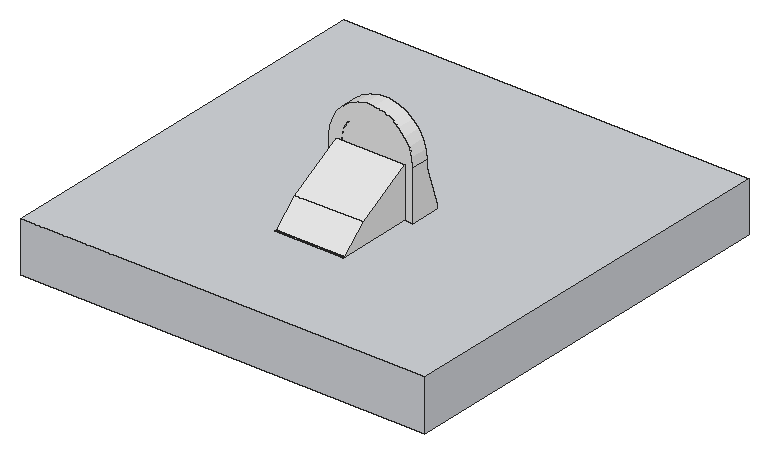
Revit family
Parameters (values of type "WH3775-09-MXTP")
  Waste Connection = yes
  WFU = 2
  Vent Connection = no
  URL = "http://www.whitehallmfg.com/"
  Type Comments = ""
  Revised Date = "03/02/2015"  # constant formula
  Phone# = "626-336-4561"
  OCC - Optional Corterra Color - Specify:__ = no
  Model = "WH3775-09-MXTP"
  Material = Polymer-Whitehall-Corterra-White
  Manufacturer = "Whitehall Mfg"
  MXTP- Temperature-Pressure Balancing Mixing Valve (ASSE 1070 Compliant) = yes
  HWFU = 1.5
  HW Connection = yes
  Designed By = "Allied Technical Services"  # constant formula
  Description = "Whitehall Ligature Resistant Corterra™ Basin ADA Compliant "
  Default Elevation = 34"
  CWFU = 1.5
  CW Connection = yes
  Assembly Code = "D2010310"
  ATS URL = "http://www.atsspec.net"
  9- Punched for Valve by Others (-H34 Three 1-5/16" Diameter Holes 4" Cneterset) = yes
  3775- Ligature Resistant Corterra™ Washbasin = yes
  3374- Air Control, H&C, Metering w/ Conical Sprayhead & Pushbuttons = no
  3373- Air-Control, Single Temp, Metering w/ Conical Sprayhead & Pushbuttons = no
Reference planes (in)
  plane 1 "Center (Front/Back)": y = 0
  plane 2: z = 0
  plane 3 "Center (Left/Right)": x = 0
  plane 4: z = 21.75
  plane 5: x = 10
  plane 6: x = -10
  plane 7: z = 5
  plane 8: x = -8.125
  plane 9: x = 8.125
  plane 10: y = -22.25
  plane 11: y = 3
  plane 12: y = -7.5
  plane 13: y = -31
  plane 14: x = 7.125
  plane 15: x = -7.125
  plane 16: y = -7.5
  plane 17: y = -11.5
  plane 18: y = -16.25
  plane 19: y = -6.75
  plane 20: x = -6.625
  plane 21: y = 0.75
  plane 22: y = -34
  plane 23: x = 4.75
  plane 24: x = -4.5
Forms (in)
  Extrusion 1, solid
    sketch origin (0, 0, 0) x (1, 0, 0) y (0, 1, 0)
      loop
        line (-48, 48) -> (-48, -48) -> (48, -48) -> (48, 48) -> (-48, 48)
    from 0 to -12
  Extrusion 2, solid, material "Polymer-Whitehall-Corterra-White" <- "Material"
    sketch origin (0, 0, 0) x (1, 0, 0) y (0, 0, -1)
      loop
        line (10, -11.75) -> (10, 0) -> (-10, 0) -> (-10, -11.75)
        arc (-10, -11.75) -> (0, -21.75) -> (10, -11.75) r 10
      loop
        arc (7, -11.75) -> (6.98353, -10.87438) -> (6.93414, -10) r 23.28125
        arc (6.93414, -10) -> (6.60403, -7.47441) -> (6, -5) r 23.28125
        line (6, -5) -> (-6, -5)
        arc (-6, -5) -> (-6.60403, -7.47441) -> (-6.93414, -10) r 23.28125
        arc (-6.93414, -10) -> (-6.98353, -10.87438) -> (-7, -11.75) r 23.28125
        arc (-7, -11.75) -> (0, -18.75) -> (7, -11.75) r 7
    from -4 to 0
  Extrusion 3, solid, material "Polymer-Whitehall-Corterra-White" <- "Material"
    sketch origin (0, 0, 0) x (0, -1, 0) y (0, 0, -1)
      loop
        line (4, 0) -> (4, -11.75) -> (16.375, -5) -> (21.75, -0.07812) -> (22.25, -0.07812) -> (22.25, 0) -> (4, 0)
    from -8.125 to 8.125
  Extrusion 4, solid, material "Polymer-Whitehall-Corterra-White" <- "Material"
    sketch origin (0, 0, 0) x (1, 0, 0) y (0, 0, 1)
      loop
        line (10, 0) -> (10, 10) -> (9.25, 10) -> (9.03109, 1.24375)
        arc (9.03109, 1.24375) -> (8.95573, 1.07103) -> (8.78117, 1) r 0.25
        line (8.78117, 1) -> (-8.78117, 1)
        arc (-8.78117, 1) -> (-8.95573, 1.07103) -> (-9.03109, 1.24375) r 0.25
        line (-9.03109, 1.24375) -> (-9.25, 10) -> (-10, 10) -> (-10, 0) -> (10, 0)
    from -3 to 0
  Extrusion 5, void
    sketch origin (0, -5, 0) x (0, 1, 0) y (0, 0, 1)
      loop
        line (5, 10) -> (7.96793, 1.0962)
        arc (7.96793, 1.0962) -> (7.99193, 0.99869) -> (8, 0.8986) r 0.62488
        line (8, 0.8986) -> (8, 10) -> (5, 10)
    from -10 to 10
  Extrusion 6, void
    sketch origin (0, 0, 0.375) x (1, 0, 0) y (0, 0, 1)
      loop
        circle (0, 7.13597) r 0.75
      loop
        circle (0, 2.625) r 0.65625
      loop
        circle (-2, 2.625) r 0.65625
      loop
        circle (2, 2.625) r 0.65625
    from -0.4441 to 4.90509
  Extrusion 7, void
    sketch origin (-2.875, -0.0092, 0) x (1, 0, 0) y (0, 1, 0)
      loop
        circle (-4.625, -22) r 0.125
    from 0 to 3
  Extrusion 8, void
    sketch origin (2.875, -0.0092, 0) x (-1, 0, 0) y (0, -1, 0)
      loop
        circle (-4.625, 22) r 0.125
    from 0 to 3
  Extrusion 9, void
    sketch origin (-4.625, -0.0092, 0) x (-1, 0, 0) y (0, -1, 0)
      loop
        circle (-4.625, 22) r 0.125
    from 0 to 3
  Extrusion 10, void
    sketch origin (9.25, -8.75, 0) x (1, 0, 0) y (0, 1, 0)
      loop
        circle (-4.5, -7.5) r 0.25
      loop
        circle (-9.25, -2.75) r 0.75
      loop
        circle (-13.75, -7.5) r 0.25
    from 0 to 1.25
  Sweep 11, solid, material "Polymer-Whitehall-Corterra-White" <- "Material"
    path origin (0, 0, 0) x (1, 0, 0) y (0, 0, 1)
      loop
        line (5.20268, 2.36812) -> (6, 5)
        arc (6, 5) -> (6.60403, 7.47441) -> (6.93414, 10) r 23.28125
        arc (6.93414, 10) -> (6.98353, 10.87438) -> (7, 11.75) r 23.28125
        arc (7, 11.75) -> (0, 18.75) -> (-7, 11.75) r 7
        arc (-7, 11.75) -> (-6.98353, 10.87438) -> (-6.93414, 10) r 23.28125
        arc (-6.93414, 10) -> (-6.60403, 7.47441) -> (-6, 5) r 23.28125
        line (-6, 5) -> (-4.91275, 1.41107)
    profile origin (6.60403, 0, 7.47441) x (-0.982992, 0, 0.183649) y (0, -1, 0)
      loop
        line (5.41022, 2.93999) -> (5.41022, 3.06499) -> (2.75, 3.06499)
        arc (2.75, 3.06499) -> (0.71707, 2.22292) -> (-0.125, 0.18999) r 2.875
        line (-0.125, 0.18999) -> (-0.125, 0) -> (0, 0) -> (0, 0.18999)
        arc (0, 0.18999) -> (0.80546, 2.13453) -> (2.75, 2.93999) r 2.75
        line (2.75, 2.93999) -> (5.41022, 2.93999)
  Extrusion 12, solid, material "Polymer-Whitehall-Corterra-White" <- "Material"
    sketch origin (0, 0, 0) x (1, 0, 0) y (0, 0, 1)
      loop
        arc (0.82216, 6.5686) -> (1.28582, 8.468) -> (1.53922, 10.40667) r 17.87103
        arc (1.53922, 10.40667) -> (1.57713, 11.07786) -> (1.58978, 11.75) r 17.87103
        arc (1.58978, 11.75) -> (0, 13.33978) -> (-1.58978, 11.75) r 1.58978
        arc (-1.58978, 11.75) -> (-1.57713, 11.07786) -> (-1.53922, 10.40667) r 17.87103
        arc (-1.53922, 10.40667) -> (-1.28582, 8.468) -> (-0.82216, 6.5686) r 17.87103
        line (-0.82216, 6.5686) -> (-0.34696, 5) -> (0.34696, 5) -> (0.82216, 6.5686)
    from 2.93999 to 3.06499
  Extrusion 13, solid, material "Polymer-Whitehall-Corterra-White" <- "Material"
    sketch origin (0, 0, 0) x (1, 0, 0) y (0, 0, 1)
      loop
        line (-7, 11.75) -> (7, 11.75)
        arc (7, 11.75) -> (0, 18.75) -> (-7, 11.75) r 7
    from 3.79903 to 4
Cuts and joins
  Extrusion 5, Extrusion 6 cuts Extrusion 2
  Extrusion 6, Extrusion 7, Extrusion 8, Extrusion 9, Extrusion 10 cuts Extrusion 3
  Extrusion 5, Extrusion 6 cuts Extrusion 4
  Extrusion 6 cuts Sweep 11
  Extrusion 6 cuts Extrusion 12
  Extrusion 6 cuts Extrusion 13
  joined: Extrusion 2, Extrusion 3, Extrusion 4, Sweep 11, Extrusion 12, Extrusion 13
Dimensions and locks (in)
  level to plane 4 = 21 3/4"
  plane 4 to Extrusion 1 = 21 3/4"  (x2)
  plane 5 to plane 6 = 20"  (x2)
  plane 8 to plane 9 = 16 1/4"  (x2)
  plane 6 to plane 5 = 20"
  plane 11 to plane 10 = 25 1/4"
  plane 1 "Center (Front/Back)" to plane 11 = 3"
  plane 15 to plane 3 "Center (Left/Right)" to plane 14 = 7 1/8", 7 1/8"
  "Default Elevation": plane 22 to plane 1 "Center (Front/Back)"
  plane 18 to plane 22 = 17 3/4"
  plane 17 to plane 22 = 22 1/2"
  plane 24 to plane 23 = 9 1/4"
  plane 3 "Center (Left/Right)" to plane 23 = 4 3/4"
  aligned and locked: plane 2 to Extrusion 1
  aligned and locked: level to Extrusion 1
Automatic sketch dimensions
  Extrusion 1 sketch curve to Extrusion 1 sketch curve = 96"  (x2)
  Extrusion 2 sketch curve to level = 0"
  Extrusion 2 sketch curve to plane 6 = 0"
  Extrusion 2 sketch curve to plane 3 "Center (Left/Right)" = 0"
  plane 7 to Extrusion 2 sketch curve = 6 3/4"
  Extrusion 3 sketch curve to level = 0"
  Extrusion 3 sketch curve to plane 7 = 0"
  Extrusion 3 sketch curve to plane 10 = 0"
  plane 19 to Extrusion 3 sketch curve = 2 3/4"
  level to Extrusion 3 sketch curve = 5/64"
  Extrusion 3 sketch curve to plane 10 = 1/2"
  plane 7 to Extrusion 3 sketch curve = 6 3/4"
  plane 15 to Extrusion 7 sketch curve = 3/8"
  Extrusion 7 sketch curve to plane 10 = 0.2408"
  Extrusion 8 sketch curve to plane 14 = 3/8"
  plane 10 to Extrusion 8 sketch curve = 0.2408"
  Extrusion 9 sketch curve to plane 3 "Center (Left/Right)" = 0"
  plane 10 to Extrusion 9 sketch curve = 0.2408"
  Extrusion 3 sketch curve to plane 18 = 1/8"
  Extrusion 10 sketch curve to plane 18 = 0"  (x2)
  Extrusion 10 sketch curve to plane 24 = 0"
  Extrusion 10 sketch curve to plane 17 = 0"
  Extrusion 10 sketch curve to plane 3 "Center (Left/Right)" = 0"
  Extrusion 10 sketch curve to plane 23 = 0"
  Extrusion 10 sketch curve to plane 3 "Center (Left/Right)" = 3/4"
  Sweep 11 sketch curve to Sweep 11 sketch curve = 0"  (x8)
  Sweep 11 sketch curve to profile plane = 0"
  plane 1 "Center (Front/Back)" to Sweep 11 sketch curve = 0"
  Sweep 11 sketch curve to Sweep 11 sketch curve = 1/8"
  Sweep 11 sketch curve to profile plane = 2 3/4"
  Sweep 11 sketch curve to Sweep 11 sketch curve = 2.66022"
  plane 1 "Center (Front/Back)" to Sweep 11 sketch curve = 0.18999"
  Extrusion 2 sketch curve to Extrusion 2 sketch curve = 0"  (x6)
  Extrusion 2 sketch curve to plane 7 = 0"
  Extrusion 2 sketch curve to Extrusion 2 sketch curve = 6 9/32"
  Extrusion 2 sketch curve to plane 15 = 1/8"
  Extrusion 2 sketch curve to plane 14 = 1 1/8"
  Extrusion 2 sketch curve to plane 14 = 0.19086"
  Extrusion 2 sketch curve to plane 20 = 5/8"
  Extrusion 2 sketch curve to plane 15 = 0.19086"
  plane 5 to Extrusion 2 sketch curve = 6 9/32"
  Extrusion 12 sketch curve to plane 6 = 6 9/32"
  plane 3 "Center (Left/Right)" to Extrusion 12 sketch curve = 0.82216"
  plane 3 "Center (Left/Right)" to Extrusion 12 sketch curve = 1.53922"
  plane 7 to Extrusion 12 sketch curve = 1.5686"
  Extrusion 12 sketch curve to Extrusion 12 sketch curve = 0"  (x6)
  Extrusion 12 sketch curve to plane 3 "Center (Left/Right)" = 0"
  Extrusion 12 sketch curve to Extrusion 12 sketch curve = 1.58978"
  Extrusion 12 sketch curve to Extrusion 12 sketch curve = 0.05056"
  Extrusion 12 sketch curve to plane 3 "Center (Left/Right)" = 0.82216"
  plane 5 to Extrusion 12 sketch curve = 6 9/32"
  Extrusion 12 sketch curve to plane 3 "Center (Left/Right)" = 0.34696"
  Sweep 11 sketch curve to plane 7 = 0"  (x2)
  Sweep 11 sketch curve to plane 3 "Center (Left/Right)" = 0"
  Sweep 11 sketch curve to plane 20 = 1.71225"
  Sweep 11 sketch curve to plane 20 = 5/8"
  Sweep 11 sketch curve to plane 15 = 0.19086"
  Sweep 11 sketch curve to plane 15 = 1/8"
  Sweep 11 sketch curve to plane 6 = 6 9/32"
  Sweep 11 sketch curve to plane 14 = 1.92232"
  Sweep 11 sketch curve to plane 14 = 1 1/8"
  Sweep 11 sketch curve to plane 14 = 0.19086"
  level to Sweep 11 sketch curve = 2.36812"
  level to Sweep 11 sketch curve = 1.41107"
  Extrusion 12 sketch curve to plane 7 = 0"
  plane 3 "Center (Left/Right)" to Extrusion 12 sketch curve = 0.34696"
  Extrusion 13 sketch curve to plane 3 "Center (Left/Right)" = 0"
  Extrusion 13 sketch curve to plane 15 = 1/8"
  plane 7 to Extrusion 13 sketch curve = 6 3/4"
  Extrusion 5 sketch curve to plane 1 "Center (Front/Back)" = 0"
  Extrusion 5 sketch curve to plane 11 = 0"  (x2)
  Extrusion 5 sketch curve to plane 11 = 0.62488"
  Extrusion 5 sketch curve to plane 11 = 0.03207"
  Extrusion 5 sketch curve to Extrusion 5 sketch curve = 0"
  plane 7 to Extrusion 5 sketch curve = 5"
  level to Extrusion 5 sketch curve = 1.0962"
  Extrusion 6 sketch curve to plane 3 "Center (Left/Right)" = 0"  (x2)
  Extrusion 6 sketch curve to Extrusion 6 sketch curve = 2"
  plane 3 "Center (Left/Right)" to Extrusion 6 sketch curve = 2"
  Extrusion 6 sketch curve to plane 7 = 2"  (x3)
  plane 7 to Extrusion 6 sketch curve = 2.51097"
  Extrusion 4 sketch curve to level = 0"
  Extrusion 4 sketch curve to plane 6 = 0"
  Extrusion 4 sketch curve to plane 5 = 0"
  plane 6 to Extrusion 4 sketch curve = 3/4"
  plane 8 to Extrusion 4 sketch curve = 0.90609"
  plane 8 to Extrusion 4 sketch curve = 0.65617"
  plane 9 to Extrusion 4 sketch curve = 0.65617"
  Extrusion 4 sketch curve to Extrusion 4 sketch curve = 0.24992"
  Extrusion 4 sketch curve to Extrusion 4 sketch curve = 3/4"
  level to Extrusion 4 sketch curve = 1"
  Extrusion 4 sketch curve to Extrusion 4 sketch curve = 0.24375"  (x2)
  plane 7 to Extrusion 4 sketch curve = 5"  (x2)
  radius of Extrusion 7 sketch curve = 1/8"
  radius of Extrusion 8 sketch curve = 1/8"
  radius of Extrusion 9 sketch curve = 1/8"
  radius of Extrusion 10 sketch curve = 1/4"  (x2)
  radius of Extrusion 6 sketch curve = 3/4"
  radius of Extrusion 6 sketch curve = 21/32"  (x3)
Connectors (in)
  piping at (0, -11.5, 0), driven by "WFU"
    settings: on cut or joined group 1 (Extrusion 2, Extrusion 3, Extrusion 4, Extrusion 5, Extrusion 6, Extrusion 7, Extrusion 8, Extrusion 9, Extrusion 10, Sweep 11, Extrusion 12, Extrusion 13), index 1
  piping at (4.75, -16.25, 0), driven by "CWFU"
    settings: on cut or joined group 1, index 2
  piping at (-4.5, -16.25, 0), driven by "HWFU"
    settings: on cut or joined group 1, index 3
